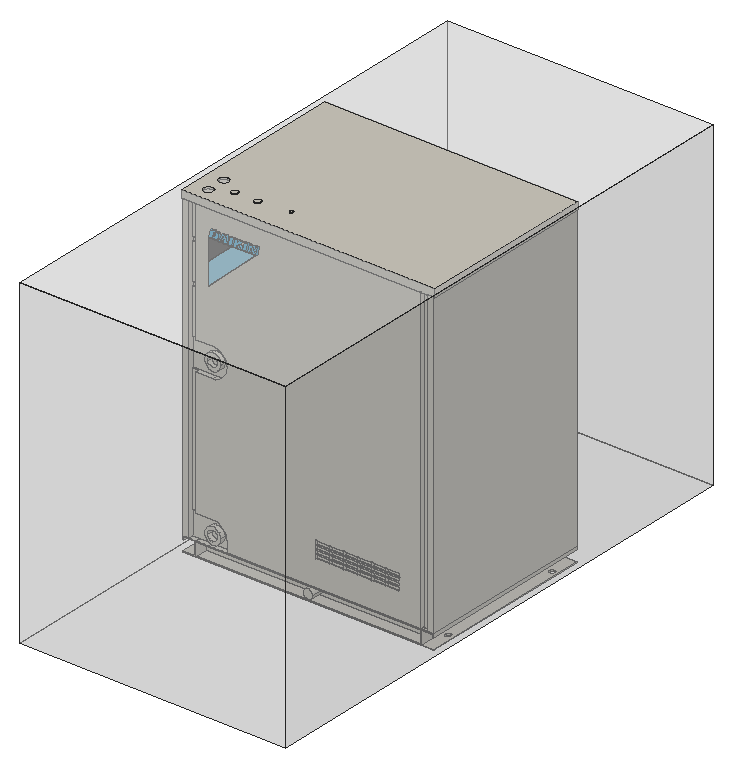
Revit family "outputfile", category 機械設備, Revit 2024
Family settings
  丸型コネクタ寸法 = 半径を使用
  種別 = なし
  パーツ タイプ = 標準
  OmniClass 番号 = 23.75.10.24.21.27.27
  OmniClass タイトル = Split System Air Conditioning Units
  作業面ベース = いいえ
  常に垂直 = はい
  ロード時にボイドで切り取り = いいえ
  注釈の向きを維持 = いいえ
  共有 = いいえ
  部屋計算ポイント = いいえ
Parameters (values of type "RWEYQ8TY14")
  製造元 = "Daikin"
  書き出し IFC クラス(タイプ) = "IfcUnitaryEquipmentType"
  定義済み IFC タイプ(タイプ) = "AIRCONDITIONINGUNIT"
  モデル = "RWEYQ8TY14"
  switch_unit1_6-8 = yes
  switch_unit1_12 = no
  switch_unit1_10 = no
  r_Water Outlet Pipe Connection_unit = Water Outlet Pipe Connection_Unit1 / 2  # 15.9 mm
  r_Water Inlet Pipe Connection_unit = Water Inlet Pipe Connection_Unit1 / 2  # 15.9 mm
  r_Drain Pipe Size = Drain Pipe Size / 2  # 6.35 mm
  lw_Water Outlet = 95.0 mm
  lw_Water Inlet = 95.0 mm
  lw_Drain = 390.0 mm
  angle_Drain [instance] = if(Rear Connection_Drain, 180.00°, 0.00°)  # 0.00°
  r_HP/LP Gas Pipe Size [instance] = [HP/LP Gas Pipe Size_Unit 1] / 2  # 9.55 mm
  lw_HP/LP Gas Pipe [instance] = if(Heat Pump, 178.0 mm, 107.0 mm)  # 178.0 mm
  ld_HP/LP Gas Pipe = 69.0 mm
  h_mountinghole = [h_***] + 2.3 mm  # 2.3 mm
  r_Liquid Pipe Size = Liquid Pipe Size_Unit 1 / 2  # 4.75 mm
  r_Gas Pipe Size = Gas Pipe Size_Unit 1 / 2  # 9.55 mm
  Water Outlet Pipe Connection_Unit1 = 31.8 mm
  Water Inlet Pipe Connection_Unit1 = 31.8 mm
  Voltage_comment_50Hz = "380-415"
  Voltage_50Hz = 400 V
  Top Connection_powersupply2 [instance] = not(Top Connection_powersupply1)  # no
  Sound Power Level (dB) = 70
  Rear Connection_Drain [instance] = not(Front Connection_Drain)  # no
  Power Input (Heating) = 3.980 kW
  Phase_50Hz = 3
  Nominal Heating Capacity = 25.000 kW
  Minimum Circuit Amps_50Hz = 13.6 A
  Maximum Fuse Amps_50Hz = 15.0 A
  Material_Heat Exchanger = DAIKIN_Blue_HE_outdoorunit
  Material_Casing = DAIKIN_IvoryWhite_Casing_outdoorunit
  lw_powersupply = 51.0 mm
  lw_liquidpipe = 274.0 mm
  lw_gaspipe [instance] = if(Heat Pump, 107.0 mm, 178.0 mm)  # 107.0 mm
  lh_powersupply = 940.0 mm
  ld_powersupply [instance] = if(Top Connection_powersupply1, 38.0 mm, 98.0 mm)  # 38.0 mm
  ld_liquidpipe = 79.0 mm
  ld_gaspipe = 69.0 mm
  h_*** = 0.0 mm
  Width = 780.0 mm
  Version = "ver.1.0"
  Unit Type = ""
  Unit Mass Weight = 146.00 kg
  Unit Designation [instance] = ""
  Uniclass2015Version = "Products v1.30"
  Uniclass2015Title = "Variable refrigerant flow units"
  Uniclass2015Code = "Pr_70_65_03_94"
  Total Cooling Capacity [instance] = 0.000 kW
  Sound Pressure Level (dBA) = 50
  Series = "VRV Heat Recovery"
  Refrigerant_Base Charge = 3.500 kg
  Refrigerant_Additional Charge [instance] = 0.000 kg
  Refrigerant Type = "R410A"
  Power Input (Cooling) = 3.860 kW
  Option Accessory 3 [instance] = ""
  Option Accessory 2 [instance] = ""
  Option Accessory 1 [instance] = ""
  Nominal Cooling Capacity = 22.400 kW
  Load Classification = HVAC
  Liquid Pipe Size_Unit 1 = 9.5 mm
  Link_Nested Family [instance] = ""
  IfcVersion = ""
  IfcExportType = "AIRCONDITIONINGUNIT"
  IfcExportAs = "IfcUnitaryEquipmentType"
  Height = 1000.0 mm
  Heat Recovery [instance] = not(Heat Pump)  # no
  Heat Pump [instance] = yes
  Heat Exchanger Type = "Stainless Steel Plate"
  HP/LP Gas Pipe Size_Unit 1 [instance] = if(and(Heat Pump, [switch_unit1_6-8]), 19.1 mm, if(and(Heat Pump, switch_unit1_10), 22.2 mm, if(and(Heat Pump, switch_unit1_12), 22.2 mm, if(and(Heat Recovery, [switch_unit1_6-8]), 15.9 mm, if(and(Heat Recovery, switch_unit1_10), 19.1 mm, if(and(Heat Recovery, switch_unit1_12), 19.1 mm, 19.1 mm))))))  # 19.1 mm
  Gas Pipe Size_Unit 1 = 19.1 mm
  Top Connection_powersupply1 [instance] = yes
  Front Connection_Drain [instance] = yes
  Frequency_50Hz = 50 Hz
  Drain Pipe Size = 12.7 mm
  Depth = 550.0 mm
  既定の高さ = 0.0 mm
  Cooling Ambient Wet Bulb Temperature [instance] = 0.00 °C
  Cooling Ambient Dry Bulb Temperature [instance] = 0.00 °C
  Compressor Type = "Hermetically Sealed Scroll Type"
  Clearance visibility [instance] = yes
  Clearance Top = 0.0 mm
  Clearance Right = 20.0 mm
  Clearance Rear = 500.0 mm
  Clearance Left = 20.0 mm
  Clearance Front = 600.0 mm
  Clearance Bottom = 0.0 mm
  CU Tag No. [instance] = ""
Reference planes
  plane 1 "Center (Front/Back)": y = 0
  plane 2 "h_***": z = 0
  plane 3 "Center (Left/Right)": x = 0
  plane 4 "Back": y = 275
  plane 5 "Front": y = -275
  plane 6 "Left": x = -390
  plane 7 "Right": x = 390
  plane 8 "Top": z = 1000
  plane 9 "Clearance Rear": y = 775
  plane 10 "Clearance Front": y = -875
  plane 11 "Clearance Left": x = -410
  plane 12 "Clearance Right": x = 410
  plane 13 "Clearance Top": z = 1000
  plane 14 "Clearance Bottom": z = 0
  plane 15 "Bottom": z = 0
  plane 16 "lw_powersupply": x = -339
  plane 17 "ld_powersupply": y = -237
  plane 18 "lw_liquidpipe": x = -116
  plane 19 "Rear Connection_refrigetant": y = -196
  plane 20 "lw_gaspipe": x = -283
  plane 21 "ld_gaspipe": y = -206
  plane 22 "lh_logo": z = 900
  plane 23 "lw_logo": x = 100
  plane 24 "lh_powersupply": z = 940
  plane 25 "lw_HP/LP Gas Pipe": x = -212
  plane 26 "ld_HP/LP Gas Pipe": y = -206
  plane 27 "lw_powersupply6": x = -295
  plane 28 "lw_powersupply7": x = -295
  plane 29 "lw_powersupply8": x = 0
Dimensions and locks
  equal spacing: plane 4 "Back", plane 1 "Center (Front/Back)", plane 5 "Front"
  "Depth": plane 4 "Back" to plane 5 "Front"
  equal spacing: plane 6 "Left", plane 3 "Center (Left/Right)", plane 7 "Right"
  "Width": plane 6 "Left" to plane 7 "Right"
  "Clearance Rear": plane 9 "Clearance Rear" to plane 4 "Back"
  "Clearance Front": plane 10 "Clearance Front" to plane 5 "Front"
  "Clearance Left": plane 11 "Clearance Left" to plane 6 "Left"
  "Clearance Right": plane 7 "Right" to plane 12 "Clearance Right"
  "Clearance Top": plane 13 "Clearance Top" to plane 8 "Top"
  "h_***": plane 15 "Bottom" to plane 2 "h_***"
  "Height": plane 8 "Top" to plane 15 "Bottom"
  "Clearance Bottom": plane 15 "Bottom" to plane 14 "Clearance Bottom"
  "ld_powersupply": plane 17 "ld_powersupply" to plane 5 "Front"
  "ld_liquidpipe": plane 19 "Rear Connection_refrigetant" to plane 5 "Front"
  "ld_gaspipe": plane 21 "ld_gaspipe" to plane 5 "Front"
  locked: plane 23 "lw_logo" to plane 7 "Right" at 290
  locked: plane 22 "lh_logo" to plane 15 "Bottom" at 900
  "lw_gaspipe": plane 6 "Left" to plane 20 "lw_gaspipe"
  "lw_liquidpipe": plane 6 "Left" to plane 18 "lw_liquidpipe"
  "lw_powersupply": plane 6 "Left" to plane 16 "lw_powersupply"
  "lh_powersupply": plane 24 "lh_powersupply" to plane 15 "Bottom"
  "lw_HP/LP Gas Pipe": plane 6 "Left" to plane 25 "lw_HP/LP Gas Pipe"
  "ld_HP/LP Gas Pipe": plane 26 "ld_HP/LP Gas Pipe" to plane 5 "Front"
  "lw_Water Inlet": plane 6 "Left" to plane 27 "lw_powersupply6"
  "lw_Water Outlet": plane 6 "Left" to plane 28 "lw_powersupply7"
  "lw_Drain": plane 6 "Left" to plane 29 "lw_powersupply8"
  aligned and locked: level to plane 2 "h_***"
  aligned and locked: plane 9 "Clearance Rear" to nested 2
  aligned and locked: nested 2 to plane 10 "Clearance Front"
  aligned and locked: plane 11 "Clearance Left" to nested 2
  aligned and locked: plane 12 "Clearance Right" to nested 2
  aligned and locked: plane 13 "Clearance Top" to nested 2
  aligned and locked: plane 14 "Clearance Bottom" to nested 2
  aligned and locked: plane 8 "Top" to nested 1
  aligned and locked: plane 22 "lh_logo" to nested 7
  aligned and locked: nested 8 to plane 16 "lw_powersupply"
  aligned and locked: nested 9 to plane 20 "lw_gaspipe"
  aligned and locked: nested 10 to plane 18 "lw_liquidpipe"
  aligned and locked: nested 10 to plane 19 "Rear Connection_refrigetant"
  aligned and locked: nested 9 to plane 21 "ld_gaspipe"
  aligned and locked: nested 8 to plane 17 "ld_powersupply"
  aligned and locked: plane 5 "Front" to nested 7
  aligned and locked: plane 24 "lh_powersupply" to nested 8
  aligned and locked: plane 1 "Center (Front/Back)" to nested 11
  aligned and locked: plane 1 "Center (Front/Back)" to nested 12
  aligned and locked: plane 1 "Center (Front/Back)" to nested 13
  aligned and locked: plane 27 "lw_powersupply6" to nested 11
  aligned and locked: plane 28 "lw_powersupply7" to nested 12
  aligned and locked: plane 29 "lw_powersupply8" to nested 13
  aligned and locked: plane 25 "lw_HP/LP Gas Pipe" to nested 14
  aligned and locked: nested 14 to plane 26 "ld_HP/LP Gas Pipe"
Nested families
  nested 1: "DAIKIN_outdoorunit_RWEYQ-TY14" at (-31, 0, 0), h_*** <- "h_***", Link_Nest <- "Link_Nested Family", h_mountinghole <- "h_mountinghole", Width <- "Width", type "RWEYQ-TY14"
    with show_fixedhole yes, h_mountinghole 2.3 mm, h_antenna_mountinghole 998.7 mm, h_*** 0.0 mm, array_bolt 5, Width 780.0 mm, Link_Nest ""
  nested 2: "daikin_clearancespace" at (0, -50, 500.119), visible <- "Clearance visibility", show <- "Clearance visibility", Link_Nested Family <- "Link_Nested Family", type "daikin_clearancespace"
    with width 820.0 mm, show yes, height 1000.0 mm, depth 1650.0 mm, Link_Nested Family ""
  nested 3: "daikin_mountinghole" at (-372, 200, 0), type "daikin_mountinghole"
    with show yes, l_antenna 998.7 mm, h_mountinghole 2.3 mm, Link_Nested Family ""
  nested 4: "daikin_mountinghole" at (372, 200, 0), type "daikin_mountinghole"
    with show yes, l_antenna 998.7 mm, h_mountinghole 2.3 mm, Link_Nested Family ""
  nested 5: "daikin_mountinghole" at (-372, -200, 0), type "daikin_mountinghole"
    with show yes, l_antenna 998.7 mm, h_mountinghole 2.3 mm, Link_Nested Family ""
  nested 6: "daikin_mountinghole" at (372, -200, 0), type "daikin_mountinghole"
    with show yes, l_antenna 998.7 mm, h_mountinghole 2.3 mm, Link_Nested Family ""
  nested 7: "daikin_logo_elevation_w150" at (-212.5, -275, 744.568), type "daikin_logo_elevation_w150"
    with show_logo yes
  nested 8: "daikin_connector_rotate3" at (-339, -237, 940) x (-1, 0, 0) z (0, 0, -1), type "daikin_connector_rotate3"
    with show no, radius 10.0 mm, length 60.0 mm, angle_vertical 0.00°, angle_horizontal 0.00°
  nested 9: "daikin_connector_rotate3" at (-283, -206, 940) x (-1, 0, 0) z (0, 0, -1), radius <- "r_Gas Pipe Size", type "daikin_connector_rotate3"
    with show no, radius 9.55 mm, length 60.0 mm, angle_vertical 0.00°, angle_horizontal 0.00°
  nested 10: "daikin_connector_rotate3" at (-116, -196, 940) x (-1, 0, 0) z (0, 0, -1), radius <- "r_Liquid Pipe Size", type "daikin_connector_rotate3"
    with show no, radius 4.75 mm, length 60.0 mm, angle_vertical 0.00°, angle_horizontal 0.00°
  nested 11: "daikin_connector_rotate3" at (-295, 0, 76), radius <- "r_Water Inlet Pipe Connection_unit", type "daikin_connector_rotate3"
    with show no, radius 15.9 mm, length 275.0 mm, angle_vertical 90.00°, angle_horizontal 0.00°
  nested 12: "daikin_connector_rotate3" at (-295, 0, 556), radius <- "r_Water Outlet Pipe Connection_unit", type "daikin_connector_rotate3"
    with show no, radius 15.9 mm, length 275.0 mm, angle_vertical 90.00°, angle_horizontal 0.00°
  nested 13: "daikin_connector_rotate3" at (0, 0, 19), angle_horizontal <- "angle_Drain", radius <- "r_Drain Pipe Size", type "daikin_connector_rotate3"
    with show no, radius 6.35 mm, length 275.0 mm, angle_vertical 90.00°, angle_horizontal 0.00°
  nested 14: "daikin_connector_rotate3" at (-212, -206, 940) x (1, 0, 0) z (0, 0, -1), radius <- "r_HP/LP Gas Pipe Size", type "daikin_connector_rotate3"
    with show no, radius 9.55 mm, length 60.0 mm, angle_vertical 0.00°, angle_horizontal 0.00°
Connectors
  piping at (-116, -196, 1000), diameter 9.5, driven by "r_Liquid Pipe Size"
    settings: on nested 10, index 12, connector inside diameter 609.6 mm, connector length 0.0 mm, flow factor 0, pipe flow 0.00 m³/h, pressure drop 0.0 Pa, fitting loss kfactor 0, connector angle 0.00°, fixture units 0, engagement length 0.0 mm, angle of deflection 0.00°, flow configuration 0, flow direction 2, fitting loss method 0, system type 29, joint type 0, gender type 0, connector reference index -1, connector utility 0, adjustable connector no, is connector primary no, connector description "Refrigerant Liquid Piping"
  electrical at (-339, -237, 1000), driven by "Load Classification"
    settings: on nested 8, index 13, voltage 0 V, apparent load 0 VA, apparent load phase1 0 VA, apparent load phase2 0 VA, apparent load phase3 0 VA, power factor 1, load classification "HVAC", number of poles 1, system type 30, power factor state 1, is connector primary yes, connector utility no, sub classification motor no, connector description "Power Supply"
  piping at (-295, -275, 556), diameter 31.8, driven by "r_Water Outlet Pipe Connection_unit"
    settings: on nested 12, index 15, connector inside diameter 609.6 mm, connector length 0.0 mm, flow factor 0, pipe flow 0.00 m³/h, pressure drop 0.0 Pa, fitting loss kfactor 0, connector angle 0.00°, fixture units 0, engagement length 0.0 mm, angle of deflection 0.00°, flow configuration 1, flow direction 2, fitting loss method 0, system type 8, joint type 0, gender type 0, connector reference index -1, connector utility 0, adjustable connector no, is connector primary no, connector description "Cooling Water Outlet Piping"
  piping at (-295, -275, 76), diameter 31.8, driven by "r_Water Inlet Pipe Connection_unit"
    settings: on nested 11, index 16, connector inside diameter 609.6 mm, connector length 0.0 mm, flow factor 0, pipe flow 0.00 m³/h, pressure drop 0.0 Pa, fitting loss kfactor 0, connector angle 0.00°, fixture units 0, engagement length 0.0 mm, angle of deflection 0.00°, flow configuration 1, flow direction 1, fitting loss method 0, system type 7, joint type 0, gender type 0, connector reference index -1, connector utility 0, adjustable connector no, is connector primary no, connector description "Cooling Water Inlet  Piping"
  piping at (0, -275, 19), diameter 12.7, driven by "r_Drain Pipe Size"
    settings: on nested 13, index 17, connector inside diameter 609.6 mm, connector length 0.0 mm, flow factor 0, pipe flow 0.00 m³/h, pressure drop 0.0 Pa, fitting loss kfactor 0, connector angle 0.00°, fixture units 0, engagement length 0.0 mm, angle of deflection 0.00°, flow configuration 1, flow direction 2, fitting loss method 4, system type 16, joint type 0, gender type 0, connector reference index -1, connector utility 0, adjustable connector no, is connector primary no, connector description "Condensate Drain Piping"
  piping at (-212, -206, 1000), diameter 19.1, driven by "r_HP/LP Gas Pipe Size"
    settings: on nested 14, index 19, connector inside diameter 609.6 mm, connector length 0.0 mm, flow factor 0, pipe flow 0.00 m³/h, pressure drop 0.0 Pa, fitting loss kfactor 0, connector angle 0.00°, fixture units 0, engagement length 0.0 mm, angle of deflection 0.00°, flow configuration 0, flow direction 0, fitting loss method 0, system type 29, joint type 0, gender type 0, connector reference index -1, connector utility 0, adjustable connector no, is connector primary no, connector description "Refrigerant HP/LP Gas Piping"
  piping at (-283, -206, 1000), diameter 19.1, driven by "r_Gas Pipe Size"
    settings: on nested 9, index 20, connector inside diameter 609.6 mm, connector length 0.0 mm, flow factor 0, pipe flow 0.00 m³/h, pressure drop 0.0 Pa, fitting loss kfactor 0, connector angle 0.00°, fixture units 0, engagement length 0.0 mm, angle of deflection 0.00°, flow configuration 0, flow direction 1, fitting loss method 0, system type 29, joint type 0, gender type 0, connector reference index -1, connector utility 0, adjustable connector no, is connector primary yes, connector description "Refrigerant Gas Piping"
Definition of nested family "DAIKIN_outdoorunit_RWEYQ-TY14"
  Parameters (values of type "RWEYQ-TY14")
    w_wiremesh_right = 668.0 mm  # constant formula
    w_wiremesh_left = 590.0 mm  # constant formula
    w_wiremesh_front = 248.0 mm  # constant formula
    switch_unit1_6-8 = yes
    switch_unit1_12 = no
    switch_unit1_10 = no
    show_fixedhole [instance] = yes
    material_heatexchanger = none
    material_casing = none
    ld_hole1_bottom = 154.0 mm  # constant formula
    h_wiremesh = 900.0 mm  # constant formula
    h_mountinghole [instance] = 2.3 mm
    h_antenna_mountinghole [instance] = Height + 1.0 mm - 2.3 mm  # 998.7 mm
    h_*** [instance] = 0.0 mm
    array_bolt [instance] = 5
    Width [instance] = 780.0 mm
    Liquid Pipe Size_Unit 1 = if([switch_unit1_6-8], 9.5 mm, if(switch_unit1_10, 9.5 mm, if(switch_unit1_12, 12.7 mm, 9.5 mm)))  # 9.5 mm
    Link_Nest [instance] = ""
    Height = 1000.0 mm
    Heat Recovery = not(Heat Pump)  # no
    Heat Pump = yes
    HP/LP Pipe Size_Unit 1_L = if(Heat Pump, 178.0 mm, 107.0 mm)  # 178.0 mm
    HP/LP Pipe Size_Unit 1 = if(Heat Recovery, if([switch_unit1_6-8], 15.9 mm, if(switch_unit1_10, 19.1 mm, if(switch_unit1_12, 19.1 mm, 15.9 mm))), if([switch_unit1_6-8], 19.1 mm, if(switch_unit1_10, 22.2 mm, if(switch_unit1_12, 22.2 mm, 19.1 mm))))  # 19.1 mm
    Gas Pipe Size_Unit 1_L = if(Heat Pump, 107.0 mm, 178.0 mm)  # 107.0 mm
    Gas Pipe Size_Unit 1_H = 60.0 mm  # constant formula
    Gas Pipe Size_Unit 1 = if([switch_unit1_6-8], 19.1 mm, if(switch_unit1_10, 22.2 mm, if(switch_unit1_12, 22.2 mm, 19.1 mm)))  # 19.1 mm
    Depth = 550.0 mm
    Default Elevation = 0.0 mm
  Reference planes
    plane 1 "Center (Front/Back)": y = 0
    plane 2 "reference_level": z = 0
    plane 3 "Center (Left/Right)": x = 31
    plane 4 "Bottom": z = 0
    plane 5: x = 421
    plane 6: x = -359
    plane 7 "Back": y = 275
    plane 8 "Front": y = -275
    plane 9: z = 1000
    plane 10: z = 976
    plane 11: y = -255
    plane 12: y = 255
    plane 13: x = -337
    plane 14: x = 399
    plane 15: x = -341
    plane 16: z = 45
    plane 17: x = 403
    plane 18: y = 200
    plane 19: y = -200
    plane 20: z = 1060
    plane 21: z = 19
    plane 22: z = 1000
    plane 23: z = 940
  Forms (mm)
    Extrusion 1, solid, material <- "material_heatexchanger"
      sketch origin (0, 0, 0) x (1, 0, 0) y (0, 1, 0)
        loop
          line (-337, 255) -> (-337, -255) -> (399, -255) -> (399, 255) -> (-337, 255)
      from 54 to 976
    Extrusion 2, void
      sketch origin (0, 350, 0) x (1, 0, 0) y (0, 1, 0)
        loop
          circle (-341, -150) r 8.5
        loop
          circle (403, -150) r 8.5
        loop
          circle (403, -550) r 8.5
        loop
          circle (-341, -550) r 8.5
      from 0 to 29.064
    Extrusion 3, solid, material <- "material_casing"
      sketch origin (620, -305, 0) x (-1, 0, 0) y (0, 0, 1)
        loop
          line (204.3, 35.061) -> (204.3, 42.7) -> (239.7, 42.7) -> (239.7, 2.3) -> (201, 2.3) -> (201, 0) -> (242, 0) -> (242, 45) -> (201, 45) -> (201, 35.061) -> (204.3, 35.061)
        loop
          line (973.7, 35.061) -> (977, 35.061) -> (977, 45) -> (936, 45) -> (936, 0) -> (977, 0) -> (977, 2.3) -> (938.3, 2.3) -> (938.3, 42.7) -> (973.7, 42.7) -> (973.7, 35.061)
      from 30 to 580
    Extrusion 4, solid, material <- "material_casing"
      sketch origin (31, 0, 0) x (0, 1, 0) y (0, 0, 1)
        loop
          line (-275, 45) -> (-275, 42.7) -> (-236.3, 42.7) -> (-236.3, 2.3) -> (-275, 2.3) -> (-275, 0) -> (-234, 0) -> (-234, 45) -> (-275, 45)
        loop
          line (275, 45) -> (234, 45) -> (234, 0) -> (275, 0) -> (275, 2.3) -> (236.3, 2.3) -> (236.3, 42.7) -> (275, 42.7) -> (275, 45)
      from -347 to 347
    Extrusion 5, solid, material <- "material_casing"
      sketch origin (0, 0, 0) x (1, 0, 0) y (0, 1, 0)
        loop
          circle (-85, -196) r 4.75
        loop
          circle (-181, -206) r 9.55
      from 940 to 1000
    Extrusion 6, solid, material <- "material_casing"
      sketch origin (-663.497, -190, 1200) x (-1, 0, 0) y (0, 0, 1)
        loop
          circle (-694.497, -1181) r 14
      from -85 to -46.3
    Extrusion 7, solid, material <- "material_casing"
      sketch origin (-663.497, 321.3, 1200) x (-1, 0, 0) y (0, 0, 1)
        loop
          circle (-694.497, -1181) r 14
      from -85 to -46.3
    Extrusion 8, solid, material <- "material_casing"
      sketch origin (0, -500, 0) x (1, 0, 0) y (0, 1, 0)
        loop
          circle (-252, 294) r 9.55
      from 940 to 1000
  Cuts and joins
    Extrusion 2 cuts Extrusion 3
  Dimensions and locks
    equal spacing: plane 6, plane 3 "Center (Left/Right)", plane 5
    "Width": plane 6 to plane 5
    locked: plane 9 to plane 10 at 24
    "Depth": plane 8 "Front" to plane 7 "Back"
    equal spacing: plane 7 "Back", plane 1 "Center (Front/Back)", plane 8 "Front"
    locked: plane 12 to plane 7 "Back" at 20
    locked: plane 11 to plane 8 "Front" at 20
    locked: plane 6 to plane 13 at 22
    locked: plane 14 to plane 5 at 22
    locked: plane 6 to plane 15 at 18
    "h_***": plane 4 "Bottom" to plane 2 "reference_level"
    locked: plane 16 to plane 4 "Bottom" at 45
    "Height": plane 9 to plane 4 "Bottom"
    locked: plane 5 to Extrusion 3 sketch curve at 2  (x2)
    locked: Extrusion 3 sketch curve to Extrusion 3 sketch curve at 41  (x2)
    locked: Extrusion 3 sketch curve to Extrusion 3 sketch curve at 3.3  (x2)
    locked: Extrusion 3 sketch curve to plane 6 at 2  (x2)
    locked: plane 8 "Front" to Extrusion 4 sketch curve at 41
    locked: Extrusion 4 sketch curve to plane 7 "Back" at 41
    locked: plane 17 to plane 5 at 18
    plane 19 to plane 8 "Front" = 75.0 mm
    locked: plane 18 to plane 7 "Back" at 75
    locked: Extrusion 5 sketch curve to plane 8 "Front" at 79
    locked: plane 6 to Extrusion 5 sketch curve at 274
    "HP/LP Pipe Size_Unit 1_L": plane 6 to Extrusion 5 sketch curve
    locked: Extrusion 5 sketch curve to plane 8 "Front" at 69
    locked: plane 20 to plane 9 at 60
    locked: plane 21 to plane 4 "Bottom" at 19
    "Gas Pipe Size_Unit 1_L": plane 6 to Extrusion 8 sketch curve
    locked: Extrusion 8 sketch curve to plane 8 "Front" at 69
    "Gas Pipe Size_Unit 1_H": plane 20 to plane 22
    plane 22 to plane 23 = 60.0 mm
    "HP/LP Pipe Size_Unit 1": diameter of Extrusion 5 sketch curve
    "Liquid Pipe Size_Unit 1": diameter of Extrusion 5 sketch curve
    "Gas Pipe Size_Unit 1": diameter of Extrusion 8 sketch curve
    aligned and locked: level to plane 2 "reference_level"
    aligned and locked: plane 12 to Extrusion 1 sketch curve
    aligned and locked: plane 11 to Extrusion 1 sketch curve
    aligned and locked: plane 13 to Extrusion 1 sketch curve
    aligned and locked: plane 14 to Extrusion 1 sketch curve
    aligned and locked: plane 10 to Extrusion 1
    aligned and locked: plane 11 to nested 1
    aligned and locked: plane 10 to nested 4
    aligned and locked: nested 5 to plane 9
    aligned and locked: plane 10 to nested 3
    aligned and locked: plane 10 to nested 2
    aligned and locked: plane 13 to nested 4
    aligned and locked: plane 14 to nested 2
    aligned and locked: plane 12 to nested 3
    aligned and locked: plane 15 to nested 7
    aligned and locked: plane 15 to nested 9
    aligned and locked: plane 8 "Front" to nested 5
    aligned and locked: plane 6 to nested 5
    aligned and locked: plane 10 to nested 1
    aligned and locked: plane 13 to nested 1
    aligned and locked: nested 2 to plane 1 "Center (Front/Back)"
    aligned and locked: nested 3 to plane 3 "Center (Left/Right)"
    aligned and locked: plane 1 "Center (Front/Back)" to nested 4
    aligned and locked: nested 6 to plane 3 "Center (Left/Right)"
    aligned and locked: plane 1 "Center (Front/Back)" to nested 6
    aligned and locked: plane 16 to Extrusion 3 sketch curve
    aligned and locked: Extrusion 3 sketch curve to plane 4 "Bottom"
    aligned and locked: Extrusion 3 sketch curve to plane 16
    aligned and locked: plane 4 "Bottom" to Extrusion 3 sketch curve
    aligned and locked: Extrusion 3 to plane 7 "Back"
    aligned and locked: Extrusion 3 to plane 8 "Front"
    aligned and locked: plane 8 "Front" to Extrusion 4 sketch curve  (x2)
    aligned and locked: plane 4 "Bottom" to Extrusion 4 sketch curve
    aligned and locked: Extrusion 4 sketch curve to plane 16
    aligned and locked: Extrusion 4 sketch curve to plane 7 "Back"  (x2)
    aligned and locked: plane 18 to Extrusion 2 sketch curve  (x2)
    aligned and locked: plane 15 to Extrusion 2 sketch curve  (x2)
    aligned and locked: plane 17 to Extrusion 2 sketch curve  (x2)
    aligned and locked: plane 17 to nested 8
    aligned and locked: plane 18 to nested 8
    aligned and locked: plane 18 to nested 7
    aligned and locked: nested 7 to plane 15
    aligned and locked: nested 9 to plane 19
    aligned and locked: nested 9 to plane 15
    aligned and locked: nested 10 to plane 19
    aligned and locked: plane 17 to nested 10
    aligned and locked: plane 19 to Extrusion 2 sketch curve  (x2)
    aligned and locked: plane 21 to Extrusion 6 sketch curve
    aligned and locked: plane 3 "Center (Left/Right)" to Extrusion 6 sketch curve
    aligned and locked: plane 22 to Extrusion 8
    aligned and locked: Extrusion 8 to plane 23
    aligned and locked: Extrusion 5 to plane 23
    aligned and locked: Extrusion 5 to plane 22
  Automatic sketch dimensions
    Extrusion 3 sketch curve to Extrusion 3 sketch curve = 2.3 mm  (x2)
    level to Extrusion 3 sketch curve = 2.3 mm  (x2)
    Extrusion 3 sketch curve to plane 16 = 9.939 mm  (x2)
    Extrusion 3 sketch curve to plane 16 = 2.3 mm  (x2)
    Extrusion 4 sketch curve to level = 0.0 mm
    Extrusion 4 sketch curve to plane 16 = 0.0 mm
    Extrusion 4 sketch curve to Extrusion 4 sketch curve = 2.3 mm  (x2)
    level to Extrusion 4 sketch curve = 2.3 mm  (x2)
    Extrusion 4 sketch curve to plane 16 = 2.3 mm  (x2)
    Extrusion 7 sketch curve to plane 3 "Center (Left/Right)" = 0.0 mm
    Extrusion 7 sketch curve to plane 21 = 0.0 mm
    radius of Extrusion 2 sketch curve = 8.5 mm  (x4)
    radius of Extrusion 6 sketch curve = 14.0 mm
    radius of Extrusion 7 sketch curve = 14.0 mm
  Nested families
    nested 1: "outdoorunit_frontpanel" at (-337, -265, 45), material <- "material_casing", type "frontpanel1"
      with material none
    nested 2: "outdoorunit_rightpanel1" at (409, -275, 45) x (0, 1, 0) z (0, 0, 1), material <- "material_casing", type "frontpanel1"
      with material none
    nested 3: "outdoorunit_backpanel" at (399, 265, 45) x (-1, 0, 0) z (0, 0, 1), material <- "material_casing", type "frontpanel1"
      with material none
    nested 4: "outdoorunit_leftpanel" at (-347, 275, 45) x (0, -1, 0) z (0, 0, 1), material <- "material_casing", type "frontpanel1"
      with material none
    nested 5: "outdoorunit_uppanel" at (-359, -275, 988) x (1, 0, 0) z (0, 1, 0), material <- "material_casing", type "frontpanel1"
      with material none
    nested 6: "outdoorunit_downpanel" at (399, 255, 56) x (-1, 0, 0) z (0, -1, 0), material <- "material_casing", type "frontpanel1"
      with material none
    nested 7: "daikin_mountinghole" at (-341, 200, 0), visible <- "show_fixedhole", Link_Nested Family <- "Link_Nest", l_antenna <- "h_antenna_mountinghole", h_mountinghole <- "h_mountinghole", type "daikin_mountinghole"
      with show yes, l_antenna 998.7 mm, h_mountinghole 2.3 mm, Link_Nested Family ""
    nested 8: "daikin_mountinghole" at (403, 200, 0), visible <- "show_fixedhole", Link_Nested Family <- "Link_Nest", l_antenna <- "h_antenna_mountinghole", h_mountinghole <- "h_mountinghole", type "daikin_mountinghole"
      with show yes, l_antenna 998.7 mm, h_mountinghole 2.3 mm, Link_Nested Family ""
    nested 9: "daikin_mountinghole" at (-341, -200, 0), visible <- "show_fixedhole", Link_Nested Family <- "Link_Nest", l_antenna <- "h_antenna_mountinghole", h_mountinghole <- "h_mountinghole", type "daikin_mountinghole"
      with show yes, l_antenna 998.7 mm, h_mountinghole 2.3 mm, Link_Nested Family ""
    nested 10: "daikin_mountinghole" at (403, -200, 0), visible <- "show_fixedhole", Link_Nested Family <- "Link_Nest", l_antenna <- "h_antenna_mountinghole", h_mountinghole <- "h_mountinghole", type "daikin_mountinghole"
      with show yes, l_antenna 998.7 mm, h_mountinghole 2.3 mm, Link_Nested Family ""
  Definition of nested family "outdoorunit_frontpanel"
    Parameters (values of type "frontpanel1")
      width = 736.0 mm
      material [instance] = none
      height1 = 931.0 mm
      depth = 20.0 mm
      Default Elevation = 0.0 mm
    Reference planes
      plane 1 "Center (Front/Back)": y = 0
      plane 2 "Bottom": z = 0
      plane 3: x = 0
      plane 4 "Back": y = 10
      plane 5 "Front": y = -10
      plane 6: x = 736
      plane 7 "Top": z = 931
      plane 8 "Left": x = 0
      plane 9 "Center L/S": y = 5
      plane 10 "Center L/T": y = -5
    Forms (mm)
      Extrusion 1, solid, material <- "material"
        sketch origin (0, 0, 0) x (1, 0, 0) y (0, 1, 0)
          loop
            line (0, 10) -> (0, -10) -> (736, -10) -> (736, 10) -> (0, 10)
        from 0 to 931
      Extrusion 2, void
        sketch origin (0, 0, 0) x (1, 0, 0) y (0, 0, 1)
          loop
            line (0, 931) -> (0, 0) -> (21, 0) -> (21, 931) -> (0, 931)
          loop
            line (736, 931) -> (715, 931) -> (715, 0) -> (736, 0) -> (736, 931)
        from 0 to 250
      Extrusion 3, void
        sketch origin (0, 0, 0) x (1, 0, 0) y (0, 0, 1)
          loop
            line (2, 931) -> (-33, 931) -> (-33, -14) -> (118, -14) -> (118, 31)
            arc (118, 31) -> (104.82, 62.82) -> (73, 76) r 45
            line (73, 76) -> (2, 76) -> (2, 466) -> (73, 466)
            arc (73, 466) -> (118, 511) -> (73, 556) r 45
            line (73, 556) -> (2, 556) -> (2, 692) -> (10.5, 692)
            arc (10.5, 692) -> (18, 699.5) -> (10.5, 707) r 7.5
            line (10.5, 707) -> (2, 707) -> (2, 817) -> (10.5, 817)
            arc (10.5, 817) -> (18, 824.5) -> (10.5, 832) r 7.5
            line (10.5, 832) -> (2, 832) -> (2, 931)
        from -5 to 250
      Extrusion 4, void
        sketch origin (0, 0, 0) x (1, 0, 0) y (0, 0, 1)
          loop
            line (734, 931) -> (734, 0) -> (972.161, 0) -> (972.161, 931) -> (734, 931)
        from -5 to 250
      Extrusion 5, solid, material <- "material"
        sketch origin (0, 0, 0) x (1, 0, 0) y (0, 0, 1)
          loop
            circle (73, 511) r 25
          loop
            circle (73, 511) r 15.5
          loop
            circle (73, 31) r 25
          loop
            circle (73, 31) r 15.5
        from -5 to 10
      Extrusion 6, void
        sketch origin (0, 0, 0) x (1, 0, 0) y (0, 0, 1)
          loop
            line (390.8, 131) -> (390.8, 118.75) -> (433.5, 118.75) -> (433.5, 131) -> (390.8, 131)
          loop
            line (390.8, 80) -> (433.5, 80) -> (433.5, 92.25) -> (390.8, 92.25) -> (390.8, 80)
          loop
            line (390.8, 117.75) -> (390.8, 106) -> (433.5, 106) -> (433.5, 117.75) -> (390.8, 117.75)
          loop
            line (390.8, 105) -> (390.8, 93.25) -> (433.5, 93.25) -> (433.5, 105) -> (390.8, 105)
          loop
            line (476.7, 131) -> (434.5, 131) -> (434.5, 118.75) -> (476.7, 118.75) -> (476.7, 131)
          loop
            line (434.5, 80) -> (476.7, 80) -> (476.7, 92.25) -> (434.5, 92.25) -> (434.5, 80)
          loop
            line (434.5, 117.75) -> (434.5, 106) -> (476.7, 106) -> (476.7, 117.75) -> (434.5, 117.75)
          loop
            line (434.5, 105) -> (434.5, 93.25) -> (476.7, 93.25) -> (476.7, 105) -> (434.5, 105)
          loop
            line (519.9, 131) -> (477.7, 131) -> (477.7, 118.75) -> (519.9, 118.75) -> (519.9, 131)
          loop
            line (477.7, 80) -> (519.9, 80) -> (519.9, 92.25) -> (477.7, 92.25) -> (477.7, 80)
          loop
            line (477.7, 117.75) -> (477.7, 106) -> (519.9, 106) -> (519.9, 117.75) -> (477.7, 117.75)
          loop
            line (477.7, 105) -> (477.7, 93.25) -> (519.9, 93.25) -> (519.9, 105) -> (477.7, 105)
          loop
            line (563.1, 131) -> (520.9, 131) -> (520.9, 118.75) -> (563.1, 118.75) -> (563.1, 131)
          loop
            line (520.9, 80) -> (563.1, 80) -> (563.1, 92.25) -> (520.9, 92.25) -> (520.9, 80)
          loop
            line (520.9, 117.75) -> (520.9, 106) -> (563.1, 106) -> (563.1, 117.75) -> (520.9, 117.75)
          loop
            line (520.9, 105) -> (520.9, 93.25) -> (563.1, 93.25) -> (563.1, 105) -> (520.9, 105)
          loop
            line (606.3, 131) -> (564.1, 131) -> (564.1, 118.75) -> (606.3, 118.75) -> (606.3, 131)
          loop
            line (564.1, 80) -> (606.3, 80) -> (606.3, 92.25) -> (564.1, 92.25) -> (564.1, 80)
          loop
            line (564.1, 117.75) -> (564.1, 106) -> (606.3, 106) -> (606.3, 117.75) -> (564.1, 117.75)
          loop
            line (564.1, 105) -> (564.1, 93.25) -> (606.3, 93.25) -> (606.3, 105) -> (564.1, 105)
          loop
            line (650, 131) -> (607.3, 131) -> (607.3, 118.75) -> (650, 118.75) -> (650, 131)
          loop
            line (607.3, 80) -> (650, 80) -> (650, 92.25) -> (607.3, 92.25) -> (607.3, 80)
          loop
            line (607.3, 117.75) -> (607.3, 106) -> (650, 106) -> (650, 117.75) -> (607.3, 117.75)
          loop
            line (607.3, 105) -> (607.3, 93.25) -> (650, 93.25) -> (650, 105) -> (607.3, 105)
        from 5 to 250
    Cuts and joins
      Extrusion 2, Extrusion 3, Extrusion 4, Extrusion 6 cuts Extrusion 1
    Dimensions and locks
      equal spacing: plane 4 "Back", plane 1 "Center (Front/Back)", plane 5 "Front"
      "depth": plane 4 "Back" to plane 5 "Front"
      "width": plane 8 "Left" to plane 6
      "height1": plane 7 "Top" to plane 2 "Bottom"
      locked: plane 8 "Left" to Extrusion 2 sketch curve at 21
      locked: Extrusion 2 sketch curve to plane 6 at 21
      locked: plane 9 "Center L/S" to plane 1 "Center (Front/Back)" at 5
      locked: Extrusion 3 sketch curve to Extrusion 3 sketch curve at 15  (x2)
      locked: plane 7 "Top" to Extrusion 3 sketch curve at 99
      locked: Extrusion 3 sketch curve to plane 8 "Left" at 10.5
      locked: Extrusion 3 sketch curve to Extrusion 3 sketch curve at 125
      locked: Extrusion 3 sketch curve to Extrusion 3 sketch curve at 90  (x2)
      locked: Extrusion 3 sketch curve to plane 8 "Left" at 73
      locked: Extrusion 3 sketch curve to Extrusion 3 sketch curve at 136
      locked: Extrusion 3 sketch curve to plane 2 "Bottom" at 76
      locked: Extrusion 3 sketch curve to Extrusion 3 sketch curve at 390
      locked: plane 6 to Extrusion 4 sketch curve at 2
      locked: plane 10 "Center L/T" to plane 1 "Center (Front/Back)" at 5
      aligned and locked: level to plane 2 "Bottom"
      aligned and locked: plane 8 "Left" to Extrusion 1 sketch curve
      aligned and locked: Extrusion 1 sketch curve to plane 4 "Back"
      aligned and locked: plane 5 "Front" to Extrusion 1 sketch curve
      aligned and locked: Extrusion 1 to plane 2 "Bottom"
      aligned and locked: plane 7 "Top" to Extrusion 1
      aligned and locked: plane 3 to plane 8 "Left"
      aligned and locked: plane 8 "Left" to Extrusion 2 sketch curve
      aligned and locked: Extrusion 2 sketch curve to plane 7 "Top"
      aligned and locked: plane 2 "Bottom" to Extrusion 2 sketch curve
      aligned and locked: Extrusion 2 sketch curve to plane 2 "Bottom"
      aligned and locked: plane 6 to Extrusion 2 sketch curve
      aligned and locked: plane 7 "Top" to Extrusion 2 sketch curve
      aligned and locked: Extrusion 2 to plane 1 "Center (Front/Back)"
      aligned and locked: plane 9 "Center L/S" to Extrusion 3
      aligned and locked: Extrusion 4 sketch curve to plane 7 "Top"
      aligned and locked: plane 2 "Bottom" to Extrusion 4 sketch curve
      aligned and locked: Extrusion 4 to plane 9 "Center L/S"
      aligned and locked: Extrusion 5 to plane 5 "Front"
      aligned and locked: plane 9 "Center L/S" to Extrusion 5
      aligned and locked: Extrusion 6 to plane 10 "Center L/T"
    Automatic sketch dimensions
      Extrusion 1 sketch curve to plane 6 = 0.0 mm
      Extrusion 3 sketch curve to plane 7 "Top" = 0.0 mm
      plane 3 to Extrusion 3 sketch curve = 2.0 mm  (x4)
      plane 3 to Extrusion 3 sketch curve = 10.5 mm
      Extrusion 3 sketch curve to Extrusion 3 sketch curve = 71.0 mm
      level to Extrusion 3 sketch curve = 31.0 mm
      Extrusion 3 sketch curve to plane 3 = 33.0 mm
      plane 6 to Extrusion 4 sketch curve = 236.161 mm
      Extrusion 5 sketch curve to Extrusion 5 sketch curve = 0.0 mm  (x4)
      plane 3 to Extrusion 5 sketch curve = 73.0 mm  (x2)
      level to Extrusion 5 sketch curve = 31.0 mm
      Extrusion 5 sketch curve to plane 7 "Top" = 420.0 mm
      level to Extrusion 6 sketch curve = 131.0 mm
      Extrusion 6 sketch curve to plane 6 = 345.2 mm
      Extrusion 6 sketch curve to Extrusion 6 sketch curve = 0.0 mm  (x40)
      Extrusion 6 sketch curve to Extrusion 6 sketch curve = 42.7 mm  (x2)
      Extrusion 6 sketch curve to Extrusion 6 sketch curve = 1.0 mm  (x32)
      Extrusion 6 sketch curve to Extrusion 6 sketch curve = 42.2 mm  (x4)
      Extrusion 6 sketch curve to Extrusion 6 sketch curve = 12.25 mm  (x7)
      Extrusion 6 sketch curve to Extrusion 6 sketch curve = 11.75 mm  (x9)
      radius of Extrusion 5 sketch curve = 25.0 mm  (x2)
      radius of Extrusion 5 sketch curve = 15.5 mm  (x2)
  Definition of nested family "outdoorunit_rightpanel1"
    Parameters (values of type "frontpanel1")
      width = 550.0 mm
      material [instance] = none
      height1 = 931.0 mm
      depth = 20.0 mm
      Default Elevation = 0.0 mm
    Reference planes
      plane 1 "Center (Front/Back)": y = 0
      plane 2 "Bottom": z = 0
      plane 3: x = 0
      plane 4 "Back": y = 10
      plane 5 "Front": y = -10
      plane 6: x = 550
      plane 7 "Top": z = 931
      plane 8 "Left": x = 0
      plane 9: y = -8.75
      plane 10: z = 639
      plane 11: y = -5.75
      plane 12: y = -2.551
      plane 13: y = -13
      plane 14: x = 275
    Forms (mm)
      Extrusion 1, solid, material <- "material"
        sketch origin (0, 0, 0) x (1, 0, 0) y (0, 1, 0)
          loop
            line (0, 10) -> (0, -10) -> (550, -10) -> (550, 10) -> (0, 10)
        from 0 to 931
    Dimensions and locks
      equal spacing: plane 4 "Back", plane 1 "Center (Front/Back)", plane 5 "Front"
      "depth": plane 4 "Back" to plane 5 "Front"
      "width": plane 8 "Left" to plane 6
      "height1": plane 7 "Top" to plane 2 "Bottom"
      locked: plane 10 to plane 2 "Bottom" at 639
      locked: plane 12 to plane 11 at 3.199
      plane 5 "Front" to plane 13 = 3.0 mm
      equal spacing: plane 8 "Left", plane 14, plane 6
      aligned and locked: level to plane 2 "Bottom"
      aligned and locked: plane 8 "Left" to Extrusion 1 sketch curve
      aligned and locked: Extrusion 1 sketch curve to plane 4 "Back"
      aligned and locked: plane 5 "Front" to Extrusion 1 sketch curve
      aligned and locked: Extrusion 1 to plane 2 "Bottom"
      aligned and locked: plane 7 "Top" to Extrusion 1
      aligned and locked: plane 3 to plane 8 "Left"
    Automatic sketch dimensions
      Extrusion 1 sketch curve to plane 6 = 0.0 mm
  Definition of nested family "outdoorunit_backpanel"
    Parameters (values of type "frontpanel1")
      width = 736.0 mm
      material [instance] = none
      height1 = 931.0 mm
      depth = 20.0 mm
      Default Elevation = 0.0 mm
    Reference planes
      plane 1 "Center (Front/Back)": y = 0
      plane 2 "Bottom": z = 0
      plane 3: x = 0
      plane 4 "Back": y = 10
      plane 5 "Front": y = -10
      plane 6: x = 736
      plane 7 "Top": z = 931
      plane 8 "Left": x = 0
      plane 9: z = 639
      plane 10: x = 368
    Forms (mm)
      Extrusion 1, solid, material <- "material"
        sketch origin (0, 0, 0) x (1, 0, 0) y (0, 1, 0)
          loop
            line (0, 10) -> (0, -10) -> (736, -10) -> (736, 10) -> (0, 10)
        from 0 to 931
      Extrusion 2, void
        sketch origin (0, 0, 0) x (1, 0, 0) y (0, 1, 0)
          loop
            line (0, -4) -> (0, -10) -> (21, -10) -> (21, -7) -> (2, -7) -> (2, -4) -> (0, -4)
          loop
            line (736, -4) -> (734, -4) -> (734, -7) -> (715, -7) -> (715, -10) -> (736, -10) -> (736, -4)
        from 0 to 931
    Cuts and joins
      Extrusion 2 cuts Extrusion 1
    Dimensions and locks
      equal spacing: plane 4 "Back", plane 1 "Center (Front/Back)", plane 5 "Front"
      "depth": plane 4 "Back" to plane 5 "Front"
      "width": plane 8 "Left" to plane 6
      "height1": plane 7 "Top" to plane 2 "Bottom"
      locked: plane 9 to plane 2 "Bottom" at 639
      equal spacing: plane 8 "Left", plane 10, plane 6
      aligned and locked: level to plane 2 "Bottom"
      aligned and locked: plane 8 "Left" to Extrusion 1 sketch curve
      aligned and locked: Extrusion 1 sketch curve to plane 4 "Back"
      aligned and locked: plane 5 "Front" to Extrusion 1 sketch curve
      aligned and locked: Extrusion 1 to plane 2 "Bottom"
      aligned and locked: plane 7 "Top" to Extrusion 1
      aligned and locked: plane 3 to plane 8 "Left"
    Automatic sketch dimensions
      Extrusion 1 sketch curve to plane 6 = 0.0 mm
      Extrusion 2 sketch curve to plane 3 = 0.0 mm
      Extrusion 2 sketch curve to plane 5 "Front" = 0.0 mm  (x2)
      Extrusion 2 sketch curve to plane 6 = 0.0 mm
      plane 3 to Extrusion 2 sketch curve = 2.0 mm
      Extrusion 2 sketch curve to Extrusion 2 sketch curve = 19.0 mm
      Extrusion 2 sketch curve to Extrusion 2 sketch curve = 21.0 mm
      Extrusion 2 sketch curve to plane 6 = 2.0 mm
      Extrusion 2 sketch curve to Extrusion 2 sketch curve = 3.0 mm  (x4)
  Definition of nested family "outdoorunit_leftpanel"
    Parameters (values of type "frontpanel1")
      width = 550.0 mm
      material [instance] = none
      height1 = 931.0 mm
      depth = 20.0 mm
      Default Elevation = 0.0 mm
    Reference planes
      plane 1 "Center (Front/Back)": y = 0
      plane 2 "Bottom": z = 0
      plane 3: x = 0
      plane 4 "Back": y = 10
      plane 5 "Front": y = -10
      plane 6: x = 550
      plane 7 "Top": z = 931
      plane 8 "Left": x = 0
      plane 9: y = -8.75
      plane 10: z = 639
      plane 11: y = -5.75
      plane 12: y = -2.551
      plane 13: y = -13
      plane 14: x = 275
    Forms (mm)
      Extrusion 1, solid, material <- "material"
        sketch origin (0, 0, 0) x (1, 0, 0) y (0, 1, 0)
          loop
            line (0, 10) -> (0, -10) -> (550, -10) -> (550, 10) -> (0, 10)
        from 0 to 931
    Dimensions and locks
      equal spacing: plane 4 "Back", plane 1 "Center (Front/Back)", plane 5 "Front"
      "depth": plane 4 "Back" to plane 5 "Front"
      "width": plane 8 "Left" to plane 6
      "height1": plane 7 "Top" to plane 2 "Bottom"
      locked: plane 10 to plane 2 "Bottom" at 639
      locked: plane 12 to plane 11 at 3.199
      plane 5 "Front" to plane 13 = 3.0 mm
      equal spacing: plane 8 "Left", plane 14, plane 6
      aligned and locked: level to plane 2 "Bottom"
      aligned and locked: plane 8 "Left" to Extrusion 1 sketch curve
      aligned and locked: Extrusion 1 sketch curve to plane 4 "Back"
      aligned and locked: plane 5 "Front" to Extrusion 1 sketch curve
      aligned and locked: Extrusion 1 to plane 2 "Bottom"
      aligned and locked: plane 7 "Top" to Extrusion 1
      aligned and locked: plane 3 to plane 8 "Left"
    Automatic sketch dimensions
      Extrusion 1 sketch curve to plane 6 = 0.0 mm
  Definition of nested family "outdoorunit_uppanel"
    Parameters (values of type "frontpanel1")
      width = 780.0 mm
      material [instance] = none
      height1 = 550.0 mm
      depth = 24.0 mm
      Default Elevation = 0.0 mm
    Reference planes
      plane 1 "Center (Front/Back)": y = 0
      plane 2 "Bottom": z = 0
      plane 3: x = 0
      plane 4 "Back": y = 12
      plane 5 "Front": y = -12
      plane 6: x = 780
      plane 7 "Top": z = 550
      plane 8 "Left": x = 0
      plane 9: y = -8.75
      plane 10: z = 639
      plane 11: y = -5.75
      plane 12: y = -2.551
    Forms (mm)
      Extrusion 1, solid, material <- "material"
        sketch origin (0, 0, 0) x (1, 0, 0) y (0, 1, 0)
          loop
            line (0, 12) -> (0, -12) -> (780, -12) -> (780, 12) -> (0, 12)
        from 0 to 550
      Extrusion 2, void
        sketch origin (0, 0, 0) x (1, 0, 0) y (0, 0, 1)
          loop
            circle (51, 38) r 14.5
          loop
            circle (51, 98) r 14.5
        from 9 to 12
    Cuts and joins
      Extrusion 2 cuts Extrusion 1
    Dimensions and locks
      equal spacing: plane 4 "Back", plane 1 "Center (Front/Back)", plane 5 "Front"
      "depth": plane 4 "Back" to plane 5 "Front"
      "width": plane 8 "Left" to plane 6
      "height1": plane 7 "Top" to plane 2 "Bottom"
      locked: plane 10 to plane 2 "Bottom" at 639
      locked: Extrusion 2 sketch curve to plane 8 "Left" at 51  (x2)
      locked: Extrusion 2 sketch curve to level at 38
      locked: Extrusion 2 sketch curve to Extrusion 2 sketch curve at 60
      aligned and locked: level to plane 2 "Bottom"
      aligned and locked: plane 8 "Left" to Extrusion 1 sketch curve
      aligned and locked: Extrusion 1 sketch curve to plane 4 "Back"
      aligned and locked: Extrusion 1 sketch curve to plane 5 "Front"
      aligned and locked: Extrusion 1 to plane 2 "Bottom"
      aligned and locked: plane 7 "Top" to Extrusion 1
      aligned and locked: plane 3 to plane 8 "Left"
    Automatic sketch dimensions
      Extrusion 1 sketch curve to plane 6 = 0.0 mm
      radius of Extrusion 2 sketch curve = 14.5 mm  (x2)
  Definition of nested family "outdoorunit_downpanel"
    Parameters (values of type "frontpanel1")
      width = 736.0 mm
      material [instance] = none
      height1 = 510.0 mm
      depth = 20.0 mm
      Default Elevation = 0.0 mm
    Reference planes
      plane 1 "Center (Front/Back)": y = 0
      plane 2 "Bottom": z = 0
      plane 3: x = 0
      plane 4 "Back": y = 10
      plane 5 "Front": y = -10
      plane 6: x = 736
      plane 7 "Top": z = 510
      plane 8 "Left": x = 0
      plane 9: z = 255
      plane 10: y = -18
      plane 11: y = 6
      plane 12: y = 8
      plane 13: x = 368
    Forms (mm)
      Extrusion 1, solid, material <- "material"
        sketch origin (0, 0, 0) x (1, 0, 0) y (0, 1, 0)
          loop
            line (0, 10) -> (0, -10) -> (736, -10) -> (736, 10) -> (0, 10)
        from 0 to 510
    Dimensions and locks
      equal spacing: plane 4 "Back", plane 1 "Center (Front/Back)", plane 5 "Front"
      "depth": plane 4 "Back" to plane 5 "Front"
      "width": plane 8 "Left" to plane 6
      "height1": plane 7 "Top" to plane 2 "Bottom"
      plane 4 "Back" to plane 11 = 4.0 mm
      plane 4 "Back" to plane 12 = 2.0 mm
      equal spacing: plane 8 "Left", plane 13, plane 6
      equal spacing: plane 7 "Top", plane 9, plane 2 "Bottom"
      aligned and locked: level to plane 2 "Bottom"
      aligned and locked: plane 8 "Left" to Extrusion 1 sketch curve
      aligned and locked: Extrusion 1 sketch curve to plane 4 "Back"
      aligned and locked: plane 5 "Front" to Extrusion 1 sketch curve
      aligned and locked: Extrusion 1 to plane 2 "Bottom"
      aligned and locked: plane 7 "Top" to Extrusion 1
      aligned and locked: plane 3 to plane 8 "Left"
    Automatic sketch dimensions
      Extrusion 1 sketch curve to plane 6 = 0.0 mm
  Definition of nested family "daikin_mountinghole"
    Parameters (values of type "daikin_mountinghole")
      Default Elevation = 1219.2 mm
      Type Comments = "mountinghole"
      show [instance] = yes
      material = none
      l_centerline = 100.0 mm
      l_antenna [instance] = 100.0 mm
      h_mountinghole [instance] = 0.0 mm
      d_circle = 30.0 mm
      Link_Nested Family [instance] = ""
    Reference planes
      plane 1 "Center (Front/Back)": y = 0
      plane 2: z = 0
      plane 3 "Center (Left/Right)": x = 0
      plane 4: y = 50
      plane 5: x = -50
      plane 6: x = 50
      plane 7: y = -50
      plane 8 "h_mountinghole": z = 0
      plane 9: z = 100
    Lines and regions (mm)
      model lines, detail levels fine
        curve 1: circle (0, 0, 0) r 15 normal (0, 0, 1)
        curve 2: line (-50, 0, 0) -> (50, 0, 0)
        curve 3: line (0, 50, 0) -> (0, -50, 0)
      symbolic lines, detail levels fine
        curve 4: circle (0, 0, 0) r 15 normal (0, 0, 1)
        curve 5: line (-50, 0, 0) -> (50, 0, 0)
        curve 6: line (0, 50, 0) -> (0, -50, 0)
      model lines
        curve 7: line (0, 0, 100) -> (0, 0, 0)
    Dimensions and locks
      equal spacing: plane 4, plane 1 "Center (Front/Back)", plane 7
      "l_centerline": plane 4 to plane 7
      equal spacing: plane 5, plane 3 "Center (Left/Right)", plane 6
      "l_centerline": plane 5 to plane 6
      "l_antenna": plane 9 to plane 8 "h_mountinghole"
      "h_mountinghole": plane 8 "h_mountinghole" to plane 2
      "d_circle": diameter of curve 1
      "d_circle": diameter of curve 4
      aligned and locked: level to plane 2
      aligned and locked: plane 1 "Center (Front/Back)" to curve 1
      aligned and locked: plane 3 "Center (Left/Right)" to curve 1
      aligned and locked: plane 1 "Center (Front/Back)" to curve 2
      aligned and locked: curve 3 to plane 3 "Center (Left/Right)"
      aligned and locked: plane 6 to curve 2
      aligned and locked: plane 5 to curve 2
      aligned and locked: plane 4 to curve 3
      aligned and locked: plane 7 to curve 3
      aligned and locked: plane 1 "Center (Front/Back)" to curve 4
      aligned and locked: plane 3 "Center (Left/Right)" to curve 4
      aligned and locked: plane 6 to curve 5
      aligned and locked: plane 5 to curve 5
      aligned and locked: plane 1 "Center (Front/Back)" to curve 5
      aligned and locked: plane 4 to curve 6
      aligned and locked: plane 7 to curve 6
      aligned and locked: curve 6 to plane 3 "Center (Left/Right)"
      aligned and locked: curve 7 to plane 3 "Center (Left/Right)"
      aligned and locked: plane 9 to curve 7
      aligned and locked: plane 8 "h_mountinghole" to curve 7
Definition of nested family "daikin_clearancespace"
  Parameters (values of type "daikin_clearancespace")
    Description = "daikin_clearancespace"
    width [instance] = 1823.963 mm
    show [instance] = yes
    material = none
    height [instance] = 1359.762 mm
    depth [instance] = 880.0 mm
    Default Elevation = 0.0 mm
    Link_Nested Family [instance] = ""
  Reference planes
    plane 1 "Center (Front/Back)": y = 0
    plane 2 "Center (Elevation)": z = -0.119
    plane 3 "Center (Left/Right)": x = 0
    plane 4: y = 440
    plane 5: y = -440
    plane 6 "Right": x = 911.982
    plane 7 "Left": x = -911.982
    plane 8 "Top": z = 679.762
    plane 9 "Bottom": z = -680
  Forms (mm)
    Extrusion 1, solid, material <- "material", visible <- "show"
      sketch origin (0, 0, 0) x (1, 0, 0) y (0, 1, 0)
        loop
          line (-911.982, 440) -> (-911.982, -440) -> (911.982, -440) -> (911.982, 440) -> (-911.982, 440)
      from -680 to 679.762
  Lines and regions (mm)
    symbolic lines, visible <- "show"
      curve 1: line (911.982, 440, 0) -> (-911.982, 440, 0)
      curve 2: line (-911.982, 440, 0) -> (-911.982, -440, 0)
      curve 3: line (-911.982, -440, 0) -> (911.982, -440, 0)
      curve 4: line (911.982, -440, 0) -> (911.982, 440, 0)
      curve 5: line (911.982, 0, 679.762) -> (-911.982, 0, 679.762)
      curve 6: line (911.982, 0, -680) -> (911.982, 0, 679.762)
      curve 7: line (-911.982, 0, -680) -> (911.982, 0, -680)
      curve 8: line (-911.982, 0, 679.762) -> (-911.982, 0, -680)
      curve 9: line (0, 440, 679.762) -> (0, -440, 679.762)
      curve 10: line (0, -440, 679.762) -> (0, -440, -680)
      curve 11: line (0, 440, -680) -> (0, 440, 679.762)
      curve 12: line (0, -440, -680) -> (0, 440, -680)
  Dimensions and locks
    "width": plane 7 "Left" to plane 6 "Right"
    "depth": plane 4 to plane 5
    "height": plane 8 "Top" to plane 9 "Bottom"
    equal spacing: plane 7 "Left", plane 3 "Center (Left/Right)", plane 6 "Right"
    equal spacing: plane 4, plane 1 "Center (Front/Back)", plane 5
    equal spacing: plane 8 "Top", plane 2 "Center (Elevation)", plane 9 "Bottom"
    aligned and locked: level to plane 2 "Center (Elevation)"
    aligned and locked: Extrusion 1 sketch curve to plane 4
    aligned and locked: plane 7 "Left" to Extrusion 1 sketch curve
    aligned and locked: Extrusion 1 sketch curve to plane 5
    aligned and locked: Extrusion 1 sketch curve to plane 6 "Right"
    aligned and locked: plane 8 "Top" to Extrusion 1
    aligned and locked: curve 1 to Extrusion 1
    aligned and locked: curve 2 to Extrusion 1
    aligned and locked: curve 3 to Extrusion 1
    aligned and locked: curve 4 to Extrusion 1
    aligned and locked: curve 5 to Extrusion 1
    aligned and locked: curve 6 to Extrusion 1
    aligned and locked: curve 7 to Extrusion 1
    aligned and locked: curve 8 to Extrusion 1
    aligned and locked: curve 9 to Extrusion 1
    aligned and locked: curve 10 to Extrusion 1
    aligned and locked: curve 11 to Extrusion 1
    aligned and locked: curve 12 to Extrusion 1
    aligned and locked: Extrusion 1 to plane 9 "Bottom"
Definition of nested family "daikin_logo_elevation_w150"
  Parameters (values of type "daikin_logo_elevation_w150")
    width = 150.0 mm
    show_logo [instance] = yes
    material = none
    height = 180.0 mm
    depth = 5.0 mm
    Default Elevation = 0.0 mm
  Reference planes
    plane 1 "Center (Front/Back)": y = 0
    plane 2: z = 0
    plane 3 "Center (Left/Right)": x = 0
    plane 4 "top": z = 180
    plane 5: z = 155.432
    plane 6 "left": x = -90
    plane 7 "right": x = 60
    plane 8: y = -5
  Forms (mm)
    Extrusion 1, solid, visible <- "show_logo"
      sketch origin (0, 0, 0) x (1, 0, 0) y (0, 0, 1)
        loop
          line (-90, 22.832) -> (54.211, 155.432) -> (-19.804, 155.432) -> (-90, 91.131) -> (-90, 22.832)
      from 0 to 5
    Extrusion 2, solid, visible <- "show_logo"
      sketch origin (0, 0, 0) x (1, 0, 0) y (0, 0, 1)
        loop
          line (-90, 155.432) -> (-90, 91.131) -> (-19.804, 155.432) -> (-90, 155.432)
      from 0 to 5
    Extrusion 3, solid, visible <- "show_logo"
      sketch origin (0, 0, 0) x (1, 0, 0) y (0, 0, 1)
        loop
          line (-73.294, 180) -> (-84.431, 180) -> (-90, 157.726) -> (-73.294, 157.726)
          arc (-73.294, 157.726) -> (-66.673, 159.069) -> (-61.582, 163.51) r 13.209
          arc (-61.582, 163.51) -> (-59.344, 169.288) -> (-60.109, 175.436) r 12.685
          arc (-60.109, 175.436) -> (-61.683, 177.678) -> (-64.031, 179.088) r 6.606
          arc (-64.031, 179.088) -> (-68.629, 179.878) -> (-73.294, 180) r 32.396
        loop
          line (-78.863, 162.18) -> (-74.408, 162.18)
          arc (-74.408, 162.18) -> (-70.986, 164.473) -> (-69.002, 168.082) r 8.708
          arc (-69.002, 168.082) -> (-68.734, 170.84) -> (-69.386, 173.533) r 8.337
          arc (-69.386, 173.533) -> (-70.358, 174.487) -> (-71.624, 174.988) r 3.442
          line (-71.624, 174.988) -> (-76.078, 174.988) -> (-78.863, 162.18)
        loop
          line (-61.043, 157.726) -> (-54.918, 157.726) -> (-52.829, 161.624) -> (-44.059, 161.624) -> (-43.223, 157.726) -> (-33.2, 157.726) -> (-37.655, 180) -> (-48.792, 180) -> (-61.043, 157.726)
        loop
          line (-50.145, 166.635) -> (-45.133, 166.635) -> (-46.565, 173.318) -> (-50.145, 166.635)
        loop
          line (-24.847, 180) -> (-30.416, 157.726) -> (-20.949, 157.726) -> (-15.38, 180) -> (-24.847, 180)
        loop
          line (-15.38, 157.726) -> (-5.914, 157.726) -> (-4.4, 163.779) -> (0.212, 157.726) -> (11.906, 157.726) -> (2.996, 169.42) -> (15.804, 180) -> (5.78, 180) -> (-1.94, 173.623) -> (-0.345, 180) -> (-9.812, 180) -> (-15.38, 157.726)
        loop
          line (20.259, 180) -> (14.133, 157.726) -> (24.157, 157.726) -> (29.725, 180) -> (20.259, 180)
        loop
          line (29.725, 157.726) -> (36.408, 157.726) -> (39.555, 170.315) -> (43.647, 157.726) -> (54.784, 157.726) -> (60.353, 180) -> (53.671, 180) -> (50.281, 166.442) -> (45.874, 180) -> (35.294, 180) -> (29.725, 157.726)
      from 0 to 5
  Dimensions and locks
    "height": plane 4 "top" to plane 2
    locked: plane 4 "top" to plane 5 at 24.568
    "width": plane 6 "left" to plane 7 "right"
    "depth": plane 8 to plane 1 "Center (Front/Back)"
    aligned and locked: level to plane 2
    aligned and locked: plane 4 "top" to Extrusion 3  (x8)
    aligned and locked: plane 5 to Extrusion 1
    aligned and locked: plane 5 to Extrusion 2
    aligned and locked: plane 6 "left" to Extrusion 2
    aligned and locked: plane 6 "left" to Extrusion 1
    aligned and locked: Extrusion 3 to plane 8
    aligned and locked: Extrusion 1 to plane 8
    aligned and locked: Extrusion 2 to plane 8
  Automatic sketch dimensions
    level to Extrusion 1 sketch curve = 22.832 mm
    Extrusion 1 sketch curve to Extrusion 1 sketch curve = 68.298 mm
    Extrusion 1 sketch curve to plane 4 "top" = 24.568 mm
    Extrusion 1 sketch curve to plane 3 "Center (Left/Right)" = 19.804 mm
    Extrusion 2 sketch curve to plane 4 "top" = 24.568 mm
    Extrusion 2 sketch curve to plane 3 "Center (Left/Right)" = 19.804 mm
    Extrusion 2 sketch curve to Extrusion 2 sketch curve = 64.302 mm
    Extrusion 3 sketch curve to plane 4 "top" = 0.0 mm  (x8)
    Extrusion 3 sketch curve to plane 4 "top" = 0.912 mm
    Extrusion 3 sketch curve to Extrusion 3 sketch curve = 2.154 mm
    Extrusion 3 sketch curve to Extrusion 3 sketch curve = 6.245 mm
    Extrusion 3 sketch curve to plane 4 "top" = 4.564 mm
    Extrusion 3 sketch curve to Extrusion 3 sketch curve = 5.748 mm
    Extrusion 3 sketch curve to Extrusion 3 sketch curve = 2.001 mm
    Extrusion 3 sketch curve to Extrusion 3 sketch curve = 4.603 mm
    Extrusion 3 sketch curve to Extrusion 3 sketch curve = 0.59 mm
    Extrusion 3 sketch curve to Extrusion 3 sketch curve = 0.07 mm
    Extrusion 3 sketch curve to Extrusion 3 sketch curve = 1.49 mm
    Extrusion 3 sketch curve to plane 4 "top" = 5.012 mm
    Extrusion 3 sketch curve to Extrusion 3 sketch curve = 3.556 mm
    Extrusion 3 sketch curve to Extrusion 3 sketch curve = 5.569 mm  (x3)
    Extrusion 3 sketch curve to Extrusion 3 sketch curve = 0.309 mm
    Extrusion 3 sketch curve to Extrusion 3 sketch curve = 4.455 mm  (x4)
    Extrusion 3 sketch curve to Extrusion 3 sketch curve = 0.288 mm
    Extrusion 3 sketch curve to Extrusion 3 sketch curve = 0.689 mm
    Extrusion 3 sketch curve to Extrusion 3 sketch curve = 2.238 mm
    Extrusion 3 sketch curve to Extrusion 3 sketch curve = 4.528 mm
    Extrusion 3 sketch curve to Extrusion 3 sketch curve = 0.658 mm
    Extrusion 3 sketch curve to Extrusion 3 sketch curve = 2.931 mm
    Extrusion 3 sketch curve to Extrusion 3 sketch curve = 0.357 mm
    Extrusion 3 sketch curve to Extrusion 3 sketch curve = 0.101 mm
    Extrusion 3 sketch curve to Extrusion 3 sketch curve = 11.317 mm
    Extrusion 3 sketch curve to Extrusion 3 sketch curve = 0.539 mm
    Extrusion 3 sketch curve to Extrusion 3 sketch curve = 11.137 mm  (x2)
    Extrusion 3 sketch curve to Extrusion 3 sketch curve = 5.784 mm
    Extrusion 3 sketch curve to Extrusion 3 sketch curve = 10.024 mm  (x3)
    Extrusion 3 sketch curve to Extrusion 3 sketch curve = 0.835 mm
    Extrusion 3 sketch curve to Extrusion 3 sketch curve = 8.771 mm
    Extrusion 3 sketch curve to Extrusion 3 sketch curve = 2.088 mm
    Extrusion 3 sketch curve to Extrusion 3 sketch curve = 3.898 mm
